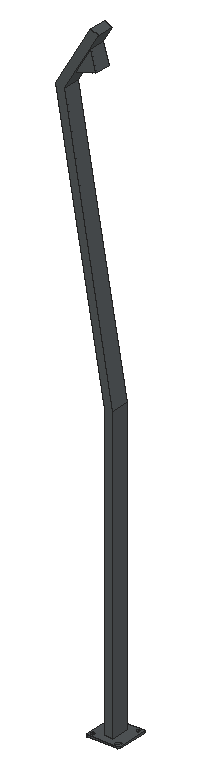
Revit family "Брейк", category Осветительные приборы, Revit 2019 (continued)
Types (3, lengths in mm): name | Файл фотометрической сетки | built-in parameter 1150105 | Lumens | built-in parameter 1150106 | built-in parameter 1150142 | Wattage | ADSK_Фактическая мощность | ADSK_Номинальная мощность | ADSK_Наименование | ADSK_Масса_Текст | ADSK_Масса | ADSK_Артикул | 60вт
  ДТУ159с2 Светодиодный светильник Брейк ДТУ-159-AF-60Вт-4.5 | "DTU-159-AF Break 60W 150х70 2700K.ies" | 525.21 (stored number, unit not read) | 6600 lm | 5.2521 (stored number, unit not read) | "IESNA:LM-63-1995\r\n[TEST]\t\tALF\r\n[MANUFAC]\tALFRESCO\r\n[LUMCAT]\tDTU-159-AF Break\r\n[LUMINAIRE]\tDTU-159-AF Break 60W 150?70 2700K\r\n[LAMP]\t\tLED Seoul Semiconductor \r\n[DATE]\t\tLDT Editor version 1.3.0.0 - DIAL GmbH (www.dial.de) on 20-07-2022\r\n[OTHER]\t\tEULUMDAT file: E:\\АРХИВ IES и 3d\\декоративные\\Брейк ДТУ-159\\DTU-159-AF\r\n Break 60W 150х70 2700K.ldt\r\nTILT=NONE\r\n1 7110.0 7.110 91 72 1 2 0.10 0.10 0.00\r\n1.0 1 59.3\r\n0.0 1.0 2.0 3.0 4.0 5.0 6.0 7.0 8.0 9.0 10.0 11.0 12.0 13.0 14.0 15.0 16.0 17.0 18.0 19.0 20.0 21.0 22.0 23.0 24.0 25.0 26.0 27.0\r\n 28.0 29.0 30.0 31.0 32.0 33.0 34.0 35.0 36.0 37.0 38.0 39.0 40.0 41.0 42.0 43.0 44.0 45.0 46.0 47.0 48.0 49.0 50.0 51.0 52.0 53.0\r\n 54.0 55.0 56.0 57.0 58.0 59.0 60.0 61.0 62.0 63.0 64.0 65.0 66.0 67.0 68.0 69.0 70.0 71.0 72.0 73.0 74.0 75.0 76.0 77.0 78.0 79.0\r\n 80.0 81.0 82.0 83.0 84.0 85.0 86.0 87.0 88.0 89.0 90.0\r\n0.0 5.0 10.0 15.0 20.0 25.0 30.0 35.0 40.0 45.0 50.0 55.0 60.0 65.0 70.0 75.0 80.0 85.0 90.0 95.0 100.0 105.0 110.0 115.0 120.0\r\n 125.0 130.0 135.0 140.0 145.0 150.0 155.0 160.0 165.0 170.0 175.0 180.0 185.0 190.0 195.0 200.0 205.0 210.0 215.0 220.0 225.0\r\n 230.0 235.0 240.0 245.0 250.0 255.0 260.0 265.0 270.0 275.0 280.0 285.0 290.0 295.0 300.0 305.0 310.0 315.0 320.0 325.0 330.0\r\n 335.0 340.0 345.0 350.0 355.0 360.0\r\n325.0 291.3 261.2 236.1 215.4 197.8 183.6 174.5 170.9 169.9 168.6 165.4 160.8 155.3 148.2 138.6 127.2 115.6 105.9 98.9 94.8 93.1\r\n 92.8 93.0 93.3 93.8 94.2 93.6 91.5 88.0 84.8 82.7 81.8 81.1 80.1 78.3 75.6 72.0 68.3 65.0 62.6 60.7 58.8 56.4 53.5 50.4 47.1 44.2\r\n 42.0 41.0 41.0 41.4 41.5 41.0 39.8 38.5 37.1 36.1 35.7 36.0 37.2 39.3 42.4 46.2 50.5 55.1 59.5 63.1 65.2 65.9 65.2 63.1 59.4 53.8\r\n 46.8 39.5 33.0 27.4 23.0 19.4 16.4 14.1 12.3 11.1 10.1 9.2 8.1 6.9 5.7 4.5 4.3\r\n325.0 291.3 262.8 240.5 221.6 203.8 188.1 177.2 172.0 169.9 168.0 165.2 161.3 156.8 150.2 141.2 130.2 118.8 108.5 100.8 96.1 94.1\r\n 93.8 93.9 93.7 93.2 92.6 91.5 89.4 86.7 84.3 82.9 82.3 81.5 80.3 78.1 75.3 71.6 67.8 64.4 61.8 59.7 57.6 55.2 52.3 49.3 46.3 43.8\r\n 42.1 41.3 41.3 41.5 41.5 40.9 39.8 38.6 37.5 36.8 36.5 36.8 37.8 39.5 42.0 45.3 49.4 53.8 58.2 61.8 64.2 65.1 64.5 62.4 58.6 53.0\r\n 46.3 39.3 32.9 27.4 22.9 19.3 16.4 14.2 12.5 11.3 10.4 9.5 8.4 7.1 5.9 4.9 3.3\r\n325.0 290.1 262.4 242.8 227.4 211.7 196.2 183.6 175.5 171.1 168.1 165.6 162.7 159.4 154.1 146.7 136.6 125.1 113.7 104.3 98.3 95.9\r\n 95.6 95.7 95.1 93.8 92.1 90.3 88.1 85.8 84.1 83.1 82.6 81.8 80.5 78.2 75.3 71.7 68.0 64.5 61.8 59.5 57.1 54.5 51.7 48.8 46.1 44.0\r\n 42.6 42.0 41.7 41.6 41.3 40.8 39.9 39.0 38.4 38.1 38.1 38.3 38.8 39.8 41.5 44.0 47.5 51.5 55.6 59.0 61.3 62.4 62.0 60.1 56.5 51.4\r\n 45.3 38.9 32.9 27.5 23.1 19.6 16.8 14.6 13.0 11.7 10.8 9.8 8.7 7.4 6.3 5.3 5.3\r\n325.0 288.2 260.0 242.1 230.6 219.1 206.1 192.8 181.9 174.5 169.9 167.1 164.6 162.2 158.3 152.8 144.1 132.9 120.3 109.2 101.6 98.2\r\n 97.5 97.5 96.7 94.9 92.5 90.0 87.5 85.4 83.8 83.0 82.5 81.6 80.2 77.8 75.0 71.5 68.2 65.0 62.3 59.7 57.1 54.3 51.4 48.6 46.2 44.4\r\n 43.2 42.3 41.7 41.2 40.7 40.1 39.4 38.8 38.5 38.6 38.9 39.0 39.1 39.3 40.1 41.8 44.5 47.8 51.2 54.1 56.4 57.7 57.7 56.2 53.3 49.0\r\n 43.8 38.2 32.7 27.6 23.3 20.0 17.3 15.1 13.4 12.1 11.1 10.2 9.1 7.9 6.7 5.7 4.7\r\n325.0 288.1 259.3 241.6 232.5 225.4 215.8 202.9 190.1 180.4 174.3 170.9 168.0 165.5 162.2 157.8 150.5 139.9 127.1 114.9 106.1\r\n 101.4 99.7 99.3 98.1 96.0 93.1 90.2 87.4 85.1 83.4 82.4 81.8 80.8 79.2 76.6 73.7 70.5 67.6 64.9 62.4 59.8 57.0 54.1 51.3 48.6\r\n 46.3 44.6 43.3 42.2 41.1 40.0 39.0 38.2 37.4 36.8 36.6 36.9 37.4 37.5 37.3 37.1 37.2 38.2 39.9 42.1 44.6 47.1 49.3 50.8 51.4 50.6\r\n 48.6 45.5 41.5 36.8 31.9 27.2 23.2 20.0 17.5 15.3 13.7 12.4 11.4 10.4 9.4 8.3 7.2 6.2 4.7\r\n325.0 290.3 261.7 243.0 234.4 229.7 223.1 211.7 198.8 188.3 181.6 177.4 173.4 169.6 165.7 161.5 155.1 145.6 133.7 121.8 112.2\r\n 106.1 103.0 101.6 99.8 97.2 93.8 90.5 87.4 85.0 83.1 81.9 81.1 80.0 78.0 75.0 71.7 68.5 65.9 63.7 61.6 59.2 56.5 53.8 51.0 48.5\r\n 46.3 44.6 43.0 41.5 39.9 38.2 36.8 35.5 34.5 33.6 33.2 33.3 33.6 33.8 33.5 33.0 32.8 33.1 33.9 35.2 36.7 38.6 40.8 42.5 43.6 43.5\r\n 42.5 40.5 37.8 34.1 29.9 25.8 22.3 19.4 17.1 15.1 13.5 12.2 11.3 10.4 9.5 8.5 7.5 6.5 6.7\r\n325.0 295.3 268.7 249.0 238.8 234.1 228.4 218.3 206.4 196.8 190.2 185.3 179.9 174.5 169.5 164.8 158.8 150.5 140.3 129.5 119.8\r\n 112.5 108.0 105.4 102.9 99.6 95.4 91.4 88.0 85.3 83.1 81.8 80.9 79.7 77.3 73.8 69.9 66.5 64.0 62.0 60.2 58.0 55.6 53.1 50.7 48.5\r\n 46.4 44.6 42.8 40.8 38.6 36.4 34.5 33.0 31.6 30.4 29.6 29.2 29.2 29.1 28.6 28.1 27.7 27.6 27.8 28.3 29.1 30.4 32.1 33.7 34.9 35.2\r\n 35.0 34.1 32.3 29.7 26.5 23.2 20.4 18.1 16.1 14.4 12.9 11.8 10.9 10.2 9.3 8.4 7.5 6.8 5.4\r\n325.0 301.2 277.7 257.8 245.7 239.0 232.7 223.2 212.5 203.6 197.1 191.4 185.2 179.2 173.7 168.9 163.1 156.0 147.6 138.2 128.9\r\n 120.9 115.4 111.7 108.3 103.9 98.7 93.8 89.7 86.6 84.2 82.9 81.9 80.6 77.9 74.0 69.7 66.0 63.3 61.2 59.3 57.1 54.7 52.4 50.4 48.5\r\n 46.7 44.8 42.7 40.4 37.9 35.5 33.4 31.6 30.0 28.5 27.2 26.4 25.8 25.2 24.5 23.9 23.4 23.2 23.0 23.0 23.3 23.9 24.9 26.0 26.8 27.2\r\n 27.3 27.0 26.0 24.3 22.0 19.7 17.7 16.1 14.7 13.3 12.1 11.1 10.4 9.7 9.0 8.1 7.3 6.5 7.2\r\n325.0 306.2 286.4 267.6 254.4 245.2 237.3 227.4 216.8 207.7 200.3 193.9 187.8 182.8 178.1 173.7 168.4 162.3 155.1 147.2 138.9\r\n 131.3 125.4 120.9 116.4 110.9 104.7 99.0 94.2 90.6 87.9 86.4 85.2 83.7 80.6 76.5 72.1 68.4 65.4 62.8 60.2 57.4 54.7 52.5 50.7\r\n 49.2 47.5 45.6 43.3 40.8 38.2 35.8 33.6 31.7 29.9 28.2 26.7 25.5 24.4 23.4 22.4 21.5 20.9 20.5 20.3 20.0 19.8 19.9 20.1 20.5 20.7\r\n 20.8 20.8 20.6 20.1 19.0 17.5 16.1 14.9 13.9 13.1 12.1 11.2 10.5 9.9 9.3 8.6 7.8 6.9 6.0 4.7\r\n325.0 307.2 289.7 273.3 260.8 250.5 241.4 231.1 220.3 210.1 201.0 193.9 188.6 185.3 182.2 178.9 174.2 168.8 162.6 156.2 149.4\r\n 143.1 137.6 132.5 127.1 120.8 113.9 107.8 102.7 98.9 95.9 94.1 92.6 90.5 87.0 82.7 78.3 74.6 71.3 67.9 64.3 60.4 57.1 54.7 53.1\r\n 51.8 50.2 48.1 45.6 42.9 40.3 38.0 35.8 33.8 31.9 30.2 28.6 27.3 25.9 24.5 23.0 21.8 20.9 20.3 19.9 19.4 18.9 18.5 18.1 17.8 17.5\r\n 17.1 16.7 16.4 16.0 15.2 14.3 13.4 12.7 12.2 11.7 11.1 10.6 10.0 9.6 9.1 8.5 7.6 6.7 5.6 4.0\r\n325.0 302.8 284.7 271.3 261.7 252.6 243.8 234.1 223.9 213.1 202.9 194.9 190.0 187.7 186.0 183.7 179.9 175.3 170.1 165.0 160.2\r\n 155.6 150.8 145.8 139.9 133.4 126.7 120.8 116.0 112.4 109.6 107.4 105.3 102.6 98.8 94.3 89.9 85.9 82.2 77.9 73.1 68.2 64.2 61.5\r\n 60.0 58.7 57.1 54.8 52.0 48.9 46.1 43.7 41.5 39.5 37.5 35.9 34.5 33.3 31.9 30.2 28.3 26.6 25.2 24.2 23.4 22.6 21.7 20.9 20.1 19.3\r\n 18.3 17.2 16.3 15.5 14.8 14.1 13.3 12.5 11.9 11.5 11.1 10.6 10.2 9.9 9.6 9.1 8.5 7.6 6.7 6.0 4.4\r\n325.0 293.9 272.5 262.0 257.3 251.9 245.2 237.3 228.9 219.1 208.8 199.9 194.3 191.5 190.1 188.3 185.6 181.9 178.1 174.5 171.3\r\n 168.0 164.2 159.8 154.5 148.8 142.8 137.5 133.4 130.4 128.0 125.9 123.5 120.6 116.9 112.6 108.2 103.8 99.4 94.4 88.9 83.4 79.1\r\n 76.2 74.6 73.3 71.7 69.3 66.1 62.8 59.6 56.9 54.5 52.5 50.7 49.3 48.3 47.3 46.0 44.3 42.2 40.0 38.0 36.2 34.6 33.0 31.5 30.2 29.0\r\n 27.7 26.0 24.0 21.9 20.0 18.4 17.0 15.5 14.1 13.0 12.1 11.4 10.9 10.4 10.0 9.7 9.3 8.6 7.8 7.0 6.6 8.1\r\n325.0 284.5 259.4 251.7 252.4 251.8 247.8 242.1 236.2 228.3 218.9 209.2 202.4 198.1 196.0 194.0 192.1 189.7 187.6 185.3 183.1\r\n 180.5 177.5 174.3 170.6 166.6 161.9 157.7 154.2 151.8 149.9 148.2 146.3 143.9 141.1 137.5 133.5 129.1 124.3 118.9 113.2 107.8\r\n 103.7 101.0 99.4 98.2 96.7 94.6 91.7 88.5 85.2 82.4 80.0 78.0 76.3 75.1 74.4 73.9 73.0 71.5 69.3 66.8 64.1 61.4 58.6 55.8 53.3\r\n 51.3 49.6 47.7 45.1 41.6 37.5 33.4 29.6 26.0 22.5 19.3 16.7 14.7 13.2 12.0 11.1 10.5 10.0 9.4 8.8 7.9 7.1 6.6 7.4\r\n325.0 279.4 252.4 247.2 252.4 255.8 254.5 250.5 246.5 240.3 231.9 221.9 213.8 207.9 204.6 201.9 200.3 199.1 198.7 197.8 196.3\r\n 193.9 191.6 189.9 188.6 186.7 183.9 180.6 177.6 175.4 173.9 172.8 171.9 170.8 169.3 167.1 164.1 160.3 155.8 150.7 145.6 141.2\r\n 137.9 135.9 134.6 134.0 133.3 132.2 130.5 128.3 125.8 123.3 121.0 119.2 117.5 116.4 115.8 115.7 115.4 114.5 112.6 109.9 106.6\r\n 102.9 98.8 94.7 91.0 88.3 86.2 83.9 80.3 74.8 67.9 60.1 52.3 44.3 36.8 29.9 24.3 19.9 16.6 14.1 12.4 11.3 10.4 9.7 8.9 8.0 7.1\r\n 6.0 3.9\r\n325.0 279.0 252.5 248.5 256.3 262.4 263.6 261.1 258.3 253.2 246.1 236.8 228.3 221.3 216.4 212.7 211.0 210.6 211.6 211.8 210.9\r\n 209.0 207.7 207.9 208.9 209.5 208.6 206.5 204.0 201.9 200.5 199.9 199.9 200.0 200.1 199.5 198.0 195.4 191.9 188.1 184.6 182.0\r\n 180.1 179.2 178.9 179.5 180.4 181.1 181.3 180.9 179.9 178.6 176.9 175.1 173.4 171.9 171.2 171.4 171.9 171.8 170.4 167.9 164.5\r\n 160.2 155.2 150.2 146.0 143.2 141.5 139.2 134.8 127.1 116.5 103.7 89.6 75.0 60.7 47.8 37.0 28.5 22.1 17.5 14.4 12.5 11.1 10.1 9.1\r\n 8.2 7.2 6.0 3.1\r\n325.0 282.1 256.9 252.6 260.8 268.8 272.8 272.3 270.5 266.3 260.4 252.6 244.6 236.9 230.5 225.7 223.7 223.9 225.7 226.9 227.1\r\n 226.4 226.8 228.9 232.2 234.9 236.0 235.3 233.7 231.8 230.5 230.1 230.6 231.8 233.3 234.5 234.6 233.4 231.6 230.0 229.1 229.1\r\n 229.4 230.0 231.3 233.6 236.4 239.1 241.1 242.6 243.4 243.5 242.7 241.2 239.0 237.0 235.8 236.3 237.6 238.6 238.2 236.4 233.4\r\n 229.4 224.6 219.9 216.7 215.5 215.3 213.9 209.0 199.1 184.2 165.0 142.8 118.9 95.3 73.8 55.5 41.0 30.0 22.3 17.3 14.2 12.3 10.9\r\n 9.7 8.6 7.6 6.5 6.8\r\n325.0 286.0 261.6 255.6 262.7 272.1 279.0 281.0 280.1 276.8 272.5 267.1 260.6 253.0 246.0 240.8 238.7 239.1 241.1 242.8 244.1\r\n 245.4 248.1 252.3 257.5 261.9 264.8 265.9 265.9 265.1 264.3 264.0 265.1 267.4 270.5 273.5 275.1 275.4 275.4 276.5 279.0 282.3\r\n 285.3 288.0 290.9 294.9 299.2 303.2 306.3 308.9 311.1 312.5 312.4 310.9 308.1 305.4 303.8 304.7 307.1 309.5 310.5 310.1 308.4\r\n 305.7 302.6 300.3 300.1 302.3 305.0 305.2 300.0 287.8 267.7 241.0 208.8 173.8 138.8 106.4 78.7 56.4 39.8 28.3 21.0 16.7 14.1 12.4\r\n 10.9 9.6 8.4 7.4 6.2\r\n325.0 290.7 267.3 259.5 264.4 274.4 283.1 287.0 286.7 283.7 280.4 277.0 272.7 267.0 261.1 256.9 255.6 256.2 257.9 259.6 262.1\r\n 265.5 270.6 276.6 282.9 288.3 292.7 295.9 298.0 299.2 299.8 300.7 303.0 306.9 312.0 316.8 319.8 321.4 323.2 327.3 333.5 340.6\r\n 346.6 351.3 355.6 360.4 365.2 369.1 372.0 374.6 377.1 379.3 379.7 378.2 374.8 371.4 369.8 371.2 374.9 379.0 381.9 383.3 383.4\r\n 382.8 382.5 384.0 388.4 395.2 401.6 404.1 398.9 384.0 358.4 323.3 280.5 233.7 186.4 142.4 104.2 73.5 50.7 35.3 25.6 20.0 16.6\r\n 14.4 12.5 11.0 9.7 8.5 6.2\r\n325.0 294.5 272.3 263.1 265.7 274.8 283.6 288.1 287.9 285.3 282.8 281.4 280.2 278.1 275.7 274.0 274.1 275.0 276.3 277.7 280.8\r\n 285.7 292.6 299.8 306.7 312.8 318.4 323.3 327.5 330.9 333.9 337.3 341.9 348.4 355.6 362.2 366.5 369.3 372.6 379.2 388.6 399.2\r\n 408.1 414.7 419.7 424.2 428.0 430.6 432.1 433.6 435.7 438.1 438.9 437.5 433.5 429.7 428.1 430.4 435.4 441.1 445.5 448.5 450.3\r\n 452.0 454.8 460.2 469.3 480.6 490.8 495.5 490.4 473.2 442.5 399.7 347.2 289.6 231.3 176.5 128.7 90.1 61.6 42.4 30.5 23.6 19.4\r\n 16.6 14.4 12.5 11.0 10.0 10.2\r\n325.0 295.7 273.8 264.1 265.0 272.5 279.9 284.4 284.9 283.2 281.8 282.5 284.9 287.5 289.6 291.1 292.8 294.3 295.7 297.3 300.7\r\n 306.1 313.5 321.3 328.9 335.8 342.3 348.2 353.6 358.8 364.5 371.0 378.9 388.2 397.7 405.9 411.3 415.1 419.6 427.7 438.9 451.4\r\n 462.3 470.2 475.4 478.7 480.6 480.8 479.9 479.3 480.3 482.8 484.3 483.3 479.2 475.0 473.4 476.0 481.4 487.5 492.5 496.1 499.0\r\n 502.1 506.9 514.8 526.6 540.7 553.1 559.3 554.5 536.0 502.0 454.2 395.3 330.6 264.7 202.4 147.7 103.3 70.5 48.3 34.7 26.7 21.9\r\n 18.6 15.9 13.7 12.1 11.3 11.2\r\n325.0 293.0 269.7 259.7 259.9 266.0 272.2 276.8 278.9 279.5 280.7 284.2 290.2 297.1 303.1 307.3 310.3 312.6 314.6 316.8 320.2\r\n 325.2 332.3 340.7 349.5 357.9 365.5 372.0 377.6 383.8 391.3 400.7 411.4 423.3 434.6 444.3 450.6 455.1 459.9 467.7 478.4 490.7\r\n 501.9 510.3 515.6 517.9 518.0 515.6 512.0 508.9 508.2 510.2 512.1 511.6 507.6 503.1 500.8 502.6 506.8 511.4 514.7 517.3 519.8\r\n 523.0 528.0 535.9 547.2 560.7 572.5 578.1 573.0 554.3 520.0 471.4 411.2 344.6 276.6 212.2 155.3 109.0 74.6 51.2 36.8 28.2 23.1\r\n 19.5 16.7 14.3 12.4 11.1 12.8\r\n325.0 288.5 263.1 253.2 254.3 260.5 266.3 271.1 274.6 277.9 282.2 288.9 297.9 307.4 315.5 321.4 325.3 328.5 331.5 334.5 337.7\r\n 342.0 348.5 357.4 367.9 378.6 388.0 395.4 401.3 407.6 415.9 426.6 438.7 451.8 464.2 474.9 482.2 487.0 491.2 497.0 505.1 514.5\r\n 523.9 531.5 536.7 538.8 538.0 534.1 528.2 522.3 519.2 519.4 520.5 519.8 515.5 510.2 506.4 505.6 506.4 506.9 506.3 505.7 505.8\r\n 507.4 510.2 515.3 522.7 531.6 539.2 541.7 535.3 517.2 485.4 440.5 384.7 322.7 259.3 199.3 146.5 103.5 71.3 49.3 35.5 27.3 22.4\r\n 19.0 16.3 13.9 11.8 10.1 7.3\r\n325.0 285.9 259.8 251.1 254.3 261.6 267.4 271.4 274.7 279.4 286.6 296.3 307.1 317.6 326.4 333.2 338.2 342.3 345.7 348.8 351.7\r\n 355.4 361.4 370.6 382.5 395.4 407.4 416.9 424.0 430.5 438.3 448.2 459.6 472.2 484.7 495.9 504.1 509.2 512.3 515.3 519.3 524.3\r\n 529.8 535.0 539.1 541.2 540.8 536.6 529.5 521.3 514.8 511.2 509.0 505.7 499.6 492.4 485.8 481.0 476.6 471.5 465.3 459.6 455.5\r\n 453.5 452.6 453.0 454.3 456.3 457.2 454.7 446.1 429.2 402.1 364.7 318.3 266.6 213.9 164.5 121.5 86.7 60.6 42.5 31.1 24.2 20.0\r\n 17.1 14.7 12.6 10.5 8.3 5.9\r\n325.0 286.7 262.3 256.5 262.8 272.1 277.6 279.1 280.2 284.3 293.0 304.3 316.0 326.5 335.3 343.0 349.1 354.1 358.0 361.2 364.0\r\n 367.3 372.6 381.0 392.8 406.8 421.0 433.1 442.5 449.9 457.0 464.9 474.0 484.6 495.9 506.9 515.4 520.7 522.8 523.3 523.2 523.3\r\n 523.8 524.6 525.8 526.7 526.0 521.9 514.1 503.7 493.3 484.2 476.0 467.7 457.9 447.4 436.9 427.4 417.5 406.8 395.0 384.0 375.1\r\n 368.7 363.6 359.0 354.4 349.8 344.4 337.3 327.0 312.2 291.2 263.4 229.1 191.2 152.9 117.8 87.9 64.0 46.0 33.3 25.1 20.0 16.8 14.5\r\n 12.6 10.7 8.9 7.1 4.4\r\n325.0 290.3 269.2 266.2 275.4 286.3 291.5 290.4 288.7 291.2 300.1 311.8 323.3 333.0 341.8 350.3 358.0 364.4 369.4 373.4 376.7\r\n 379.9 384.1 390.5 400.4 413.2 427.9 442.0 453.7 462.5 469.2 475.2 481.8 489.8 499.0 508.4 515.8 520.5 521.7 520.2 516.7 512.3\r\n 507.4 502.9 499.2 496.4 493.3 487.8 478.7 466.2 451.9 437.1 422.3 407.9 393.2 378.8 364.6 351.1 337.3 322.8 307.5 293.0 280.4\r\n 270.5 262.3 254.4 246.4 238.0 229.3 220.0 209.9 198.2 183.8 165.6 143.6 119.4 95.6 74.4 57.0 43.2 32.8 25.1 19.9 16.5 14.1 12.2\r\n 10.6 9.1 7.6 5.9 4.9\r\n325.0 295.3 277.4 275.9 286.0 297.7 303.3 301.3 298.2 299.6 307.9 318.8 329.2 337.7 345.9 354.7 363.8 372.3 379.8 386.1 391.1\r\n 394.7 398.0 401.9 408.3 417.7 430.4 444.1 456.9 466.6 473.6 479.1 484.3 490.0 496.2 502.2 506.6 509.0 508.2 504.6 498.0 489.7\r\n 480.0 470.0 460.4 452.0 444.1 435.1 423.4 408.6 391.0 372.1 352.7 333.9 315.9 298.9 282.5 266.9 251.6 236.4 220.8 205.6 192.1\r\n 180.9 171.5 162.9 154.3 145.5 136.8 128.2 120.0 111.9 103.3 93.1 81.0 67.9 55.4 44.8 36.5 29.9 24.7 20.5 17.3 14.8 12.8 11.1 9.6\r\n 8.3 7.0 5.7 2.0\r\n325.0 301.4 286.1 283.6 291.5 302.5 309.0 308.7 307.0 308.6 316.3 325.8 334.6 341.4 348.3 356.7 366.8 377.8 388.6 398.2 405.8\r\n 410.8 413.9 415.8 418.5 423.6 432.5 443.7 455.2 464.4 471.2 476.5 481.2 485.2 488.0 489.5 489.2 487.5 483.1 476.2 466.1 454.0\r\n 440.1 425.5 410.5 396.5 383.2 370.1 355.5 338.6 319.4 299.0 278.3 258.7 240.4 223.4 207.1 191.9 177.8 164.3 150.8 137.5 125.2\r\n 114.8 106.4 98.9 91.8 84.7 77.9 71.5 65.9 61.0 56.6 51.8 46.2 40.2 34.8 30.4 27.1 24.5 22.0 19.5 17.1 14.8 12.8 11.1 9.7 8.4 7.2\r\n 5.9 5.7\r\n325.0 308.7 296.1 291.4 295.2 303.8 310.7 313.2 314.1 317.2 324.7 333.2 340.7 345.9 351.3 358.8 369.4 382.3 395.9 408.5 418.8\r\n 426.0 429.8 430.8 430.8 432.1 436.9 444.5 453.0 459.9 465.3 469.4 472.8 474.5 473.6 470.3 464.7 458.0 449.2 438.2 424.1 408.3\r\n 390.9 372.9 354.3 336.4 319.6 303.8 287.2 269.4 250.1 230.6 211.6 194.3 178.4 163.7 149.6 136.6 124.8 114.0 103.5 93.0 83.2 74.9\r\n 68.2 62.6 57.5 52.5 47.8 43.4 39.9 37.3 35.3 33.4 31.2 28.9 26.9 25.5 24.5 23.4 22.0 20.1 17.9 15.6 13.5 11.8 10.3 9.0 7.8 6.8\r\n 6.0\r\n325.0 315.8 3
